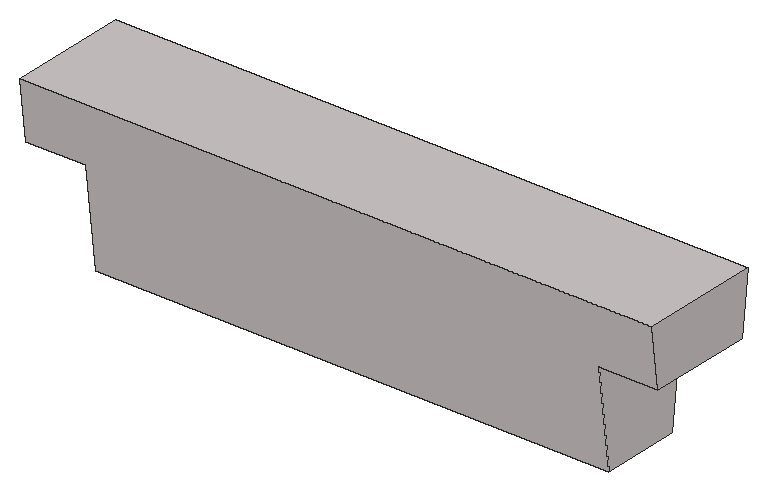
Revit family "174e574034d9401a9df9cc14cded4350", category Structural Framing, Revit 2021
Family settings
  Display in Hidden Views = Edges Hidden by Other Members
  Structural Framing Length Roundoff = 0' - 0"
  Section Shape = Not Defined
  Material for Model Behavior = Precast Concrete
  Always export as geometry = No
  OmniClass Number = 23.25.30.11.14.14
  OmniClass Title = Beams
  Seek Item ID = Precast-Cone Shaped Beam with Cut End-0000-USA-ENU
  Always vertical = Yes
  Cut with Voids When Loaded = No
  Symbolic Representation = From Family
  Shared = No
  Show family pre-cut in plan views = Yes
Parameters (values of type "5"-12"x16"-Double Sides Cut")
  Top Width = 1' - 0"
  Tie Rod Weight [instance] = 30
  Tie Rod W [instance] = (Tie Rod Weight) * 2.20313 kip / 1000  # 0.0660938 kip
  Structural Material [instance] = Concrete, Precast
  Single Rebar Weight [instance] = 50
  Single Rebar W [instance] = (Single Rebar Weight * 2.20313 kip) / 1000  # 0.110156 kip
  Rebar Grids Weight [instance] = 100
  Rebar Grids W [instance] = (Rebar Grids Weight * 2.20313 kip) / 1000  # 0.220313 kip
  Cut Depth [instance] = 0' - 10"
  Extension 2 [instance] = 0' - 6"
  Extension 1 [instance] = 0' - 6"
  Depth = 1' - 4"
  Bottom Width = 0' - 8"
  Assembly Code = ""
  Length [instance] = 5' - 0"
Types (3): name | Bottom Width
  (no name) | 0' - 8"
  5"-12"x16"-Double Sides Cut | 0' - 8"
  7"-12"x16"-One Side Cut | 0' - 7"
Reference planes (in)
  plane 1 "Center (Front/Back)": y = 0
  plane 2: z = 0
  plane 3 "Center (Left/Right)": x = 0
  plane 4 "Member Left": x = -25.74878
  plane 5 "Member Right": x = 25.74878
  plane 6 "Left": x = -29.68579
  plane 7 "Right": x = 30.31421
  plane 8: z = 2
  plane 9: z = 8
  plane 10: x = -31.74878
  plane 11: y = -6
  plane 12: y = 6
  plane 13: x = 31.74878
  plane 14: z = -8
  plane 15: y = 4
  plane 16: y = -4
Forms (in)
  Sweep 1, solid, material "Concrete, Precast" <- "Structural Material"
    path origin (0, 14.72441, 0) x (1, 0, 0) y (0, 1, 0)
      loop
        line (-31.74878, -14.72441) -> (31.74878, -14.72441)
    profile origin (0, 0, 0) x (0, 1, 0) y (0, 0, 1)
      loop
        line (-4, -8) -> (4, -8) -> (6, 8) -> (-6, 8) -> (-4, -8)
  Extrusion 2, void
    sketch origin (0, 0, 0) x (1, 0, 0) y (0, 0, 1)
      loop
        line (-31.74878, 2) -> (-31.74878, -8) -> (-25.74878, -8) -> (-25.74878, 2) -> (-31.74878, 2)
      loop
        line (31.94563, -8) -> (31.94563, 2) -> (25.74878, 2) -> (25.74878, -8) -> (31.94563, -8)
    from -6 to 6
Cuts and joins
  Extrusion 2 cuts Sweep 1
Dimensions and locks (in)
  "Length": plane 6 "Left" to plane 7 "Right"
  locked: level to plane 2
  equal spacing: plane 12, plane 1 "Center (Front/Back)", plane 11
  "Top Width": plane 12 to plane 11
  equal spacing: plane 9, plane 2, plane 14
  "Depth": plane 9 to plane 14
  "Cut Depth": plane 8 to plane 14
  equal spacing: plane 15, plane 1 "Center (Front/Back)", plane 16
  "Bottom Width": plane 15 to plane 16
  locked: Extrusion 2 sketch curve to plane 13 at 0.19685
  "Extension 1": plane 10 to plane 4 "Member Left"
  "Extension 2": plane 5 "Member Right" to plane 13
  aligned and locked: plane 10 to Sweep 1 sketch curve
  aligned and locked: plane 1 "Center (Front/Back)" to Sweep 1 sketch curve
  aligned and locked: plane 13 to Sweep 1 sketch curve
  aligned and locked: Sweep 1 sketch curve to plane 9
  aligned and locked: plane 14 to Sweep 1 sketch curve
  aligned and locked: plane 12 to Sweep 1 sketch curve
  aligned and locked: plane 11 to Sweep 1 sketch curve
  aligned and locked: plane 15 to Sweep 1 sketch curve
  aligned and locked: plane 16 to Sweep 1 sketch curve
  aligned and locked: plane 10 to Extrusion 2 sketch curve
  aligned and locked: Extrusion 2 sketch curve to plane 8
  aligned and locked: plane 14 to Extrusion 2 sketch curve
  aligned and locked: Extrusion 2 sketch curve to Sweep 1
  aligned and locked: plane 8 to Extrusion 2 sketch curve
  aligned and locked: Extrusion 2 to plane 12
  aligned and locked: plane 11 to Extrusion 2
  aligned and locked: Extrusion 2 to plane 4 "Member Left"
  aligned and locked: plane 5 "Member Right" to Extrusion 2
Automatic sketch dimensions
  plane 4 "Member Left" to Extrusion 2 sketch curve = 0' - 0"
  Extrusion 2 sketch curve to plane 5 "Member Right" = 0' - 0"
